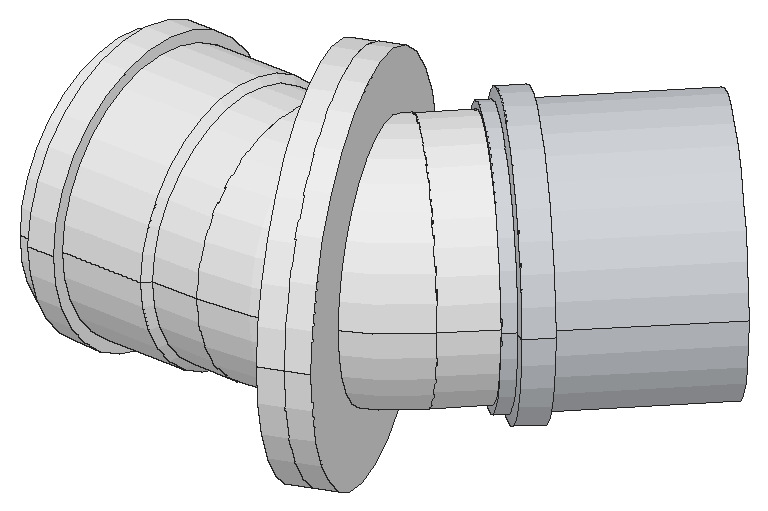
Revit family "Curva_45", category Pipe Fittings, Revit 2025
Family settings
  Round Connector Dimension = Use Radius
  Part Type = Elbow
  Work Plane-Based = No
  Always vertical = Yes
  Cut with Voids When Loaded = No
  Shared = No
Parameters (values of type "Standard")
  Ângulo 2 [instance] = Ângulo / 2  # 22.50°
  Ângulo [instance] = 45.00°
  built-in parameter 1114242 [instance] = (empty or 0)
  URL = "http://www.tigre.com.br"
  Type Comments = ""
  Tigre: Sistema = "Esgoto"  # constant formula
  Tigre: Norma = ""
  Tigre: Material = "PVC Branco"  # constant formula
  Tigre: Marcador [instance] = "00"
  Tigre: Link do Produto = "http://www.tigre.com.br/pt/produtos_unico.php?rcr_id=4&cpr_id=10&cpr_id_pai=4&lnh_id=9&prd_id=703"
  Tigre: Linha = "Série Normal"  # constant formula
  Tigre: Fabricante = "© Tigre S/A"  # constant formula
  Tigre: Descrição [instance] = if(and(Diâmetro Nominal = 40.00 mm, Ângulo > 0.00°, Ângulo < 50.00°), "Curvar 45º 40mm, Esgoto Série Normal - TIGRE", if(and(Diâmetro Nominal = 100.00 mm, Ângulo > 0.00°, Ângulo < 50.00°), "Curvar 45º 100mm, Esgoto Série Normal - TIGRE", "Produto Inexistente"))  # "Curvar 45º 100mm, Esgoto Série Normal - TIGRE"
  Tigre: Código com Separador [instance] = if(and(Diâmetro Nominal = 40.00 mm, Ângulo > 0.00°, Ângulo < 50.00°), "27.40.140.6", if(and(Diâmetro Nominal = 100.00 mm, Ângulo > 0.00°, Ângulo < 50.00°), "26.10.102.6", "Produto ou Código Inexistente"))  # "26.10.102.6"
  Tigre: Código [instance] = if(and(Diâmetro Nominal = 40.00 mm, Ângulo > 0.00°, Ângulo < 50.00°), 27401406, if(and(Diâmetro Nominal = 100.00 mm, Ângulo > 0.00°, Ângulo < 50.00°), 26101026, 0))  # 26101026
  Tigre: Comentários [instance] = ""
  Raio D [instance] = if(Diâmetro Nominal = 40.00 mm, 32.00 mm, if(Diâmetro Nominal = 100.00 mm, 76.00 mm, 0.8 * Diâmetro Nominal))  # 76 mm
  Luva Esquerda [instance] = and(and(not(Ligação em Conexão), Bolsa Esquerda))  # yes
  Luva Direita [instance] = and(and(not(Ligação em Conexão), Bolsa Direita))  # no
  Lookup Table Name = "Curvar 45 - Serie Normal - Esgoto - MEP - Tigre"
  Linha Esquerda [instance] = and(Bolsa Esquerda, Ligação em Conexão)  # no
  Linha Direita [instance] = and(Bolsa Direita, Ligação em Conexão)  # no
  Ligação em Conexão [instance] = no
  Inverter Sentido da Luva [instance] = no
  Representação Unifilar [instance] = Diâmetro Nominal * 0.2  # 20 mm
  Raio da Bolsa [instance] = size_lookup(Lookup Table Name, "RaioB", 0.5515 * Diâmetro Nominal + 2.63 mm, Diâmetro Nominal)  # 57.3 mm
  Raio Nominal [instance] = 50 mm
  Raio Externo 3 [instance] = Diâmetro Externo 3 / 2  # 50 mm
  Raio Externo 2 [instance] = Diâmetro Externo 2 / 2  # 52.85 mm
  Raio Externo 1 [instance] = Diâmetro Externo 1 / 2  # 50 mm
  Raio Central [instance] = size_lookup(Lookup Table Name, "RCen", 0.5193 * Diâmetro Nominal + 0.10 mm, Diâmetro Nominal)  # 60 mm
  Model = ""
  Manufacturer = Tigre: Fabricante  # "© Tigre S/A"
  Loss Method = Not Defined
  K Coefficient Table = "Regular 45, 90 and 180 Elbow"
  Description = "Curvar 45º, Esgoto Série Normal - TIGRE"
  Default Elevation = 0.00 mm
  Cota D [instance] = if(Diâmetro Nominal = 40.00 mm, 7.25 mm, if(Diâmetro Nominal = 100.00 mm, 9.50 mm, 0.18 * Diâmetro Nominal))  # 9.5 mm
  Bolsa Esquerda [instance] = or(not(Bolsa Direita))  # yes
  Bolsa Direita [instance] = or(Inverter Sentido da Luva)  # no
  Anel Esquerdo [instance] = or(and(Bolsa Esquerda, Diâmetro Nominal > 0.00 mm))  # yes
  Anel Direito [instance] = or(and(Bolsa Direita, Diâmetro Nominal > 0.00 mm))  # no
  Ajuste Conector Esquerda [instance] = if(and(Bolsa Direita, Ligação em Conexão), Cota B, Cota B2 + Cota B3)  # 21.50 mm
  Ajuste Conector Direita [instance] = if(and(Bolsa Esquerda, Ligação em Conexão), Cota B, Cota B2 + Cota B3)  # 21.50 mm
  Acabamento [instance] = none
  Diâmetro Nominal [instance] = Raio Nominal * 2  # 100 mm
  Diâmetro Externo 3 [instance] = size_lookup(Lookup Table Name, "DE3", 0.9915 * Diâmetro Nominal + 1.30 mm, Diâmetro Nominal)  # 100 mm
  Diâmetro Externo 2 [instance] = size_lookup(Lookup Table Name, "DE2", 1.03 * Diâmetro Nominal + 2.16 mm, Diâmetro Nominal)  # 105.7 mm
  Diâmetro Externo 1 [instance] = size_lookup(Lookup Table Name, "DE1", Diâmetro Nominal, Diâmetro Nominal)  # 100 mm
  Cota C3 [instance] = size_lookup(Lookup Table Name, "CotC3", 0.0086 * Diâmetro Nominal + 0.73 mm, Diâmetro Nominal)  # 1.5 mm
  Cota C2 [instance] = size_lookup(Lookup Table Name, "CotC2", 0.0897 * Diâmetro Nominal + 2.72 mm, Diâmetro Nominal)  # 11 mm
  Cota C1 [instance] = size_lookup(Lookup Table Name, "CotC1", 0.119 * Diâmetro Nominal + 6.64 mm, Diâmetro Nominal)  # 18 mm
  Cota B3 [instance] = size_lookup(Lookup Table Name, "CotB3", 0.0183 * Diâmetro Nominal + 1.08 mm, Diâmetro Nominal)  # 2.5 mm
  Cota B2 [instance] = size_lookup(Lookup Table Name, "CotB2", 0.0361 * Diâmetro Nominal + 0.27 mm, Diâmetro Nominal)  # 19 mm
  Cota B1 [instance] = size_lookup(Lookup Table Name, "CotB1", 0.3051 * Diâmetro Nominal + 17.31 mm, Diâmetro Nominal)  # 52 mm
  Cota B [instance] = Cota B1 + Cota B2 + Cota B3  # 73.5 mm
  Centro a Face Externa [instance] = if(Ângulo > 40.00°, Raio Central * tan(Ângulo / 2), 15.30 mm)  # 24.853 mm
Reference planes
  plane 1 "Center (Front/Back)": y = 0
  plane 2: z = 0
  plane 3 "Center (Left/Right)": x = 0
  plane 4: y = 60
  plane 5: x = -24.853
Forms (mm)
  Sweep 1, solid, material "PVC", visible <- "Bolsa Esquerda", detail levels fine
    path in 3D
      loop
        line (-24.853, 0, 0) -> (-43.853, 0, 0)
    profile origin (-34.353, 0, 0) x (0, -1, 0) y (0, 0, 1)
      loop
        circle (0, 0) r 50
  SweptBlend 2, solid, material "PVC", visible <- "Bolsa Esquerda", detail levels fine
    path in 3D
      loop
        line (-43.853, 0, 0) -> (-46.353, 0, 0)
    profile origin (-43.853, 0, 0) x (0, -1, 0) y (0, 0, 1)
      loop
        circle (0, 0) r 50
    end profile origin (-46.353, 0, 0) x (0, -1, 0) y (0, 0, 1)
      loop
        circle (0, 0) r 52.85
  Sweep 3, solid, material "PVC", visible <- "Bolsa Esquerda", detail levels fine
    path in 3D
      loop
        line (-46.353, 0, 0) -> (-98.353, 0, 0)
    profile origin (-72.353, 0, 0) x (0, -1, 0) y (0, 0, 1)
      loop
        circle (0, 0) r 50
      loop
        circle (0, 0) r 52.85
  Sweep 4, solid, material "PVC", visible <- "Anel Esquerdo", detail levels fine
    path in 3D
      loop
        line (-80.353, 0, 0) -> (-91.353, 0, 0)
    profile origin (-85.853, 0, 0) x (0, -1, 0) y (0, 0, 1)
      loop
        circle (0, 0) r 52.85
      loop
        circle (0, 0) r 57.3
  SweptBlend 5, solid, material "PVC", visible <- "Anel Esquerdo", detail levels fine
    path in 3D
      loop
        line (-91.353, 0, 0) -> (-92.853, 0, 0)
    profile origin (-91.353, 0, 0) x (0, -1, 0) y (0, 0, 1)
      loop
        circle (0, 0) r 57.3
    end profile origin (-92.853, 0, 0) x (0, -1, 0) y (0, 0, 1)
      loop
        circle (0, 0) r 52.85
  Sweep 6, solid, material "PVC", visible <- "Bolsa Esquerda", detail levels fine
    path in 3D
      loop
        arc (-24.853, 0, 0) -> (-1.892, 4.567, 0) -> (17.574, 17.574, 0) r 60
    profile origin (-1.892, 4.567, 0) x (-0.382683, 0.92388, 0) y (0, 0, 1)
      loop
        circle (0, 0) r 50
  Sweep 7, solid, material "PVC", visible <- "Bolsa Direita", detail levels fine
    path in 3D
      loop
        line (17.574, 17.574, 0) -> (31.009, 31.009, 0)
    profile origin (24.291, 24.291, 0) x (-0.707107, 0.707107, 0) y (0, 0, 1)
      loop
        circle (0, 0) r 50
  SweptBlend 8, solid, material "PVC", visible <- "Bolsa Direita", detail levels fine
    path in 3D
      loop
        line (31.009, 31.009, 0) -> (32.776, 32.776, 0)
    profile origin (31.009, 31.009, 0) x (-0.707107, 0.707107, 0) y (0, 0, 1)
      loop
        circle (0, 0) r 50
    end profile origin (32.776, 32.776, 0) x (-0.707107, 0.707107, 0) y (0, 0, 1)
      loop
        circle (0, 0) r 52.85
  Sweep 9, solid, material "PVC", visible <- "Bolsa Direita", detail levels fine
    path in 3D
      loop
        line (32.776, 32.776, 0) -> (69.546, 69.546, 0)
    profile origin (51.161, 51.161, 0) x (-0.707107, 0.707107, 0) y (0, 0, 1)
      loop
        circle (0, 0) r 52.85
      loop
        circle (0, 0) r 50
  Sweep 10, solid, material "PVC", visible <- "Anel Direito", detail levels fine
    path in 3D
      loop
        line (56.818, 56.818, 0) -> (64.596, 64.596, 0)
    profile origin (60.707, 60.707, 0) x (-0.707107, 0.707107, 0) y (0, 0, 1)
      loop
        circle (0, 0) r 57.3
      loop
        circle (0, 0) r 52.85
  SweptBlend 11, solid, material "PVC", visible <- "Anel Direito", detail levels fine
    path in 3D
      loop
        line (64.596, 64.596, 0) -> (65.657, 65.657, 0)
    profile origin (64.596, 64.596, 0) x (-0.707107, 0.707107, 0) y (0, 0, 1)
      loop
        circle (0, 0) r 57.3
    end profile origin (65.657, 65.657, 0) x (-0.707107, 0.707107, 0) y (0, 0, 1)
      loop
        circle (0, 0) r 52.85
  Sweep 12, void
    path in 3D
      loop
        line (-91.353, 0, 0) -> (-92.853, 0, 0)
    profile origin (-92.103, 0, 0) x (0, -1, 0) y (0, 0, 1)
      loop
        circle (0, 0) r 52.85
  Sweep 13, void
    path in 3D
      loop
        line (64.596, 64.596, 0) -> (65.657, 65.657, 0)
    profile origin (65.127, 65.127, 0) x (-0.707107, 0.707107, 0) y (0, 0, 1)
      loop
        circle (0, 0) r 52.85
  Sweep 14, solid, material "PVC", visible <- "Bolsa Direita", detail levels fine
    path in 3D
      loop
        arc (-24.853, 0, 0) -> (-1.892, 4.567, 0) -> (17.574, 17.574, 0) r 60
    profile origin (-1.892, 4.567, 0) x (-0.382683, 0.92388, 0) y (0, 0, 1)
      loop
        circle (0, 0) r 50
  Sweep 15, solid, material "PVC", visible <- "Bolsa Direita", detail levels fine
    path origin (0, 0, 0) x (1, 0, 0) y (0, 1, 0)
      loop
        line (-46.353, 0) -> (-24.853, 0)
    profile origin (-35.603, 0, 0) x (0, 1, 0) y (0, 0, 1)
      loop
        circle (0, 0) r 50
  Sweep 16, solid, material "PVC", visible <- "Bolsa Esquerda", detail levels fine
    path origin (0, 0, 0) x (1, 0, 0) y (0, 1, 0)
      loop
        line (17.574, 17.574) -> (32.776, 32.776)
    profile origin (25.175, 25.175, 0) x (-0.707107, 0.707107, 0) y (0, 0, 1)
      loop
        circle (0, 0) r 50
  Sweep 17, solid, material "PVC", detail levels fine
    path in 3D
      loop
        line (8.777, 3.635, 0) -> (0, 0, 0) -> (-8.777, -3.635, 0)
    profile origin (-4.388, -1.818, 0) x (0.382683, -0.92388, 0) y (0, 0, 1)
      loop
        circle (0, 0) r 76
Cuts and joins
  Sweep 12 cuts Sweep 4
  Sweep 12 cuts SweptBlend 5
  joined: Sweep 4, SweptBlend 5
  Sweep 13 cuts Sweep 7
  Sweep 13 cuts SweptBlend 8
  joined: Sweep 7, SweptBlend 8, Sweep 9, Sweep 14
  Sweep 13 cuts Sweep 10
  Sweep 13 cuts SweptBlend 11
  joined: Sweep 10, SweptBlend 11
  Sweep 13 cuts Sweep 6
  joined: Sweep 1, SweptBlend 2, Sweep 3, Sweep 6
Lines and regions (mm)
  reference lines
    curve 1: line (-24.853, 60, 0) -> (58.12, -22.973, 0)
    curve 37: line (-24.853, 60, 0) -> (65.078, -157.112, 0)
    curve 38: line (0, 0, 0) -> (-8.777, -3.635, 0)
    curve 39: line (0, 0, 0) -> (8.777, 3.635, 0)
  model lines, not visible, detail levels coarse+medium
    curve 2: arc (-24.853, 0, 0) -> (-1.892, 4.567, 0) -> (17.574, 17.574, 0) r 60
    curve 4: line (-24.853, 0, 0) -> (-43.853, 0, 0)
    curve 5: line (-43.853, 0, 0) -> (-46.353, 0, 0)
    curve 6: line (-46.353, 0, 0) -> (-98.353, 0, 0)
    curve 7: line (-98.353, 0, 0) -> (-80.353, 0, 0)
    curve 8: line (-80.353, 0, 0) -> (-91.353, 0, 0)
    curve 9: line (-91.353, 0, 0) -> (-92.853, 0, 0)
    curve 17: line (17.574, 17.574, 0) -> (31.009, 31.009, 0)
    curve 18: line (31.009, 31.009, 0) -> (32.776, 32.776, 0)
    curve 19: line (32.776, 32.776, 0) -> (69.546, 69.546, 0)
    curve 20: line (69.546, 69.546, 0) -> (56.818, 56.818, 0)
    curve 21: line (56.818, 56.818, 0) -> (64.596, 64.596, 0)
    curve 22: line (64.596, 64.596, 0) -> (65.657, 65.657, 0)
  model lines, detail levels coarse+medium
    curve 3: line (0, 0, 0) -> (17.574, 17.574, 0)
    curve 15: line (-24.653, 0, 0) -> (-24.853, 0, 0)
    curve 31: line (0, 0, 0) -> (-24.853, 0, 0)
    curve 32: line (0, 0, 0) -> (-98.353, 0, 0)
    curve 33: line (69.546, 69.546, 0) -> (0, 0, 0)
    curve 34: line (-46.353, 20, 0) -> (-46.353, -20, 0)
    curve 35: line (32.776, 32.776, 0) -> (18.634, 46.919, 0)
    curve 36: line (32.776, 32.776, 0) -> (46.919, 18.634, 0)
  sketch lines
    curve 10: line (-24.853, 0, 0) -> (-43.853, 0, 0)
    curve 11: line (-43.853, 0, 0) -> (-46.353, 0, 0)
    curve 12: line (-46.353, 0, 0) -> (-98.353, 0, 0)
    curve 13: line (-80.353, 0, 0) -> (-91.353, 0, 0)
    curve 14: line (-91.353, 0, 0) -> (-92.853, 0, 0)
    curve 16: arc (-24.853, 0, 0) -> (-1.892, 4.567, 0) -> (17.574, 17.574, 0) r 60
    curve 23: line (17.574, 17.574, 0) -> (31.009, 31.009, 0)
    curve 24: line (31.009, 31.009, 0) -> (32.776, 32.776, 0)
    curve 25: line (32.776, 32.776, 0) -> (69.546, 69.546, 0)
    curve 26: line (56.818, 56.818, 0) -> (64.596, 64.596, 0)
    curve 27: line (64.596, 64.596, 0) -> (65.657, 65.657, 0)
    curve 28: line (-91.353, 0, 0) -> (-92.853, 0, 0)
    curve 29: line (64.596, 64.596, 0) -> (65.657, 65.657, 0)
    curve 30: arc (-24.853, 0, 0) -> (-1.892, 4.567, 0) -> (17.574, 17.574, 0) r 60
    curve 40: line (0, 0, 0) -> (-8.777, -3.635, 0)
    curve 41: line (0, 0, 0) -> (8.777, 3.635, 0)
Dimensions and locks
  "Centro a Face Externa": plane 5 to plane 3 "Center (Left/Right)"
  "Raio Central": plane 4 to plane 1 "Center (Front/Back)"
  "Cota B2": curve 4 to plane 5
  "Cota B3": curve 5 to curve 5
  "Cota B1": curve 6 to curve 6
  "Cota C1": curve 7 to curve 7
  "Cota C2": curve 8 to curve 8
  "Cota C3": curve 9 to curve 9
  "Cota B2": curve 1 to curve 17
  "Cota B3": curve 18 to curve 18
  "Cota B1": curve 19 to curve 19
  "Cota C1": curve 20 to curve 20
  "Cota C2": curve 21 to curve 21
  "Cota C3": curve 22 to curve 22
  curve 7 to plane 3 "Center (Left/Right)" = 98.353 mm
  "Ajuste Conector Esquerda": Sweep 15 sketch curve to plane 5
  "Ajuste Conector Direita": curve 1 to Sweep 16 sketch curve
  "Cota B": curve 17 to curve 33
  "Ajuste Conector Direita": nested 2 to curve 1
  equal spacing: curve 34, plane 1 "Center (Front/Back)", curve 34
  "Representação Unifilar": plane 1 "Center (Front/Back)" to curve 34
  equal spacing: curve 36, curve 18, curve 35
  "Representação Unifilar": curve 18 to curve 35
  "Cota D": curve 38 to curve 37
  "Cota D": curve 37 to curve 39
  "Raio Externo 1": radius of Sweep 1 sketch curve
  "Raio Externo 2": radius of SweptBlend 2 sketch curve
  "Raio Nominal": radius of Sweep 3 sketch curve
  "Raio Externo 2": radius of Sweep 3 sketch curve
  "Raio da Bolsa": radius of Sweep 4 sketch curve
  "Raio Externo 1": radius of Sweep 6 sketch curve
  "Raio Central": radius of curve 2
  "Raio Externo 1": radius of Sweep 7 sketch curve
  "Raio Externo 1": radius of SweptBlend 8 sketch curve
  "Raio Externo 2": radius of SweptBlend 8 sketch curve
  "Raio da Bolsa": radius of Sweep 10 sketch curve
  "Raio Nominal": radius of Sweep 9 sketch curve
  "Raio Externo 1": radius of Sweep 14 sketch curve
  "Raio Externo 2": radius of Sweep 13 sketch curve
  "Raio Nominal": radius of Sweep 15 sketch curve
  "Raio Nominal": radius of Sweep 16 sketch curve
  "Raio D": radius of Sweep 17 sketch curve
  "Ângulo": angle plane 5 to curve 1
  locked: curve 1 to curve 17 (angle 90.00°)
  locked: curve 1 to curve 18 (angle 90.00°)
  locked: curve 1 to curve 19 (angle 90.00°)
  locked: curve 1 to curve 20 (angle 90.00°)
  locked: curve 1 to curve 21 (angle 90.00°)
  locked: curve 1 to curve 22 (angle 90.00°)
  "Ângulo": angle plane 1 "Center (Front/Back)" to curve 3
  locked: curve 1 to Sweep 16 sketch curve (angle 90.00°)
  locked: curve 1 to curve 33 (angle 90.00°)
  "Ângulo": angle plane 1 "Center (Front/Back)" to nested 2
  locked: curve 36 to curve 18 (angle 90.00°)
  locked: curve 35 to curve 18 (angle 90.00°)
  "Ângulo 2": angle plane 5 to curve 37
  locked: curve 38 to curve 37 (angle 90.00°)
  locked: curve 39 to curve 37 (angle 90.00°)
  aligned and locked: plane 4 to curve 1
  aligned and locked: plane 5 to curve 1
  aligned and locked: plane 5 to curve 2
  aligned and locked: curve 1 to curve 2
  aligned and locked: plane 1 "Center (Front/Back)" to curve 2
  aligned and locked: plane 1 "Center (Front/Back)" to curve 3
  aligned and locked: SweptBlend 2 sketch curve to Sweep 1  (x2)
  aligned and locked: Sweep 4 sketch curve to Sweep 3  (x2)
  aligned and locked: SweptBlend 5 sketch curve to Sweep 4  (x2)
  aligned and locked: SweptBlend 5 sketch curve to Sweep 3  (x2)
  aligned and locked: Sweep 9 sketch curve to SweptBlend 8  (x2)
  aligned and locked: Sweep 10 sketch curve to Sweep 9  (x2)
  aligned and locked: SweptBlend 11 sketch curve to Sweep 10  (x2)
  aligned and locked: SweptBlend 11 sketch curve to Sweep 9  (x2)
  aligned and locked: Sweep 12 sketch curve to Sweep 3  (x2)
  aligned and locked: plane 5 to Sweep 15 sketch curve
  aligned and locked: plane 1 "Center (Front/Back)" to Sweep 15 sketch curve
  aligned and locked: curve 1 to Sweep 16 sketch curve
  aligned and locked: Sweep 16 sketch curve to curve 19
  aligned and locked: nested 1 to plane 1 "Center (Front/Back)"
  aligned and locked: nested 1 to Sweep 15
  aligned and locked: curve 34 to curve 5
Automatic sketch dimensions
  Sweep 1 sketch curve to profile plane = 0.00 mm  (x2)
  SweptBlend 2 sketch curve to profile plane = 0.00 mm  (x2)
  Sweep 3 sketch curve to Sweep 3 sketch curve = 0.00 mm  (x2)
  Sweep 3 sketch curve to profile plane = 0.00 mm  (x2)
  Sweep 4 sketch curve to Sweep 4 sketch curve = 0.00 mm  (x2)
  Sweep 6 sketch curve to profile plane = 0.00 mm
  profile plane to Sweep 6 sketch curve = 0.00 mm
  Sweep 7 sketch curve to profile plane = 0.00 mm  (x2)
  SweptBlend 8 sketch curve to profile plane = 0.00 mm  (x4)
  Sweep 10 sketch curve to profile plane = 0.00 mm  (x2)
  Sweep 9 sketch curve to Sweep 9 sketch curve = 0.00 mm  (x2)
  Sweep 14 sketch curve to profile plane = 0.00 mm
  profile plane to Sweep 14 sketch curve = 0.00 mm
  Sweep 13 sketch curve to profile plane = 0.00 mm
  profile plane to Sweep 13 sketch curve = 0.00 mm
  Sweep 15 sketch curve to level = 0.00 mm
  Sweep 15 sketch curve to profile plane = 0.00 mm
  Sweep 16 sketch curve to level = 0.00 mm
  Sweep 16 sketch curve to profile plane = 0.00 mm
  curve 32 to curve 6 = 0.00 mm
  curve 4 to curve 15 = 0.20 mm
  plane 1 "Center (Front/Back)" to curve 38 = 0.00 mm
  plane 1 "Center (Front/Back)" to curve 39 = 0.00 mm
  Sweep 17 sketch curve to profile plane = 0.00 mm  (x2)
Nested families
  nested 1: "Luva Simples para Conexão - Serie Normal - Esgoto - MEP - Tigre" at (-46.353, 0, 0) x (-1, 0, 0) z (0, 0, 1), Raio Nominal <- "Raio Nominal", Acabamento <- "Acabamento", Tigre: Marcador <- "Tigre: Marcador", Tigre: Comentários <- "Tigre: Comentários", visible <- "Luva Direita", type "Standard"
    with Tigre: Marcador "00", Tigre: Descrição "Luva Simples 100mm, Esgoto Série Normal - TIGRE", Tigre: Código com Separador "26.30.100.9", Tigre: Código 26301009, Tigre: Comentários "", Representação Unifilar 20 mm, Raio Nominal 50 mm, Raio Bolsa 3 53.05 mm, Raio Bolsa 2 57.45 mm, Raio Bolsa 1 53.05 mm, Furo 50 mm, Diâmetro Nominal 100 mm, Detalhe no, Cota L4 5.37 mm, Cota L3 1.2 mm, Cota L2 11.2 mm, Cota L1 65.75 mm, Acabamento none
  nested 2: "Luva Simples para Conexão - Serie Normal - Esgoto - MEP - Tigre" at (32.776, 32.776, 0) x (0.7071, 0.7071, 0) z (0, 0, 1), Acabamento <- "Acabamento", Raio Nominal <- "Raio Nominal", Tigre: Marcador <- "Tigre: Marcador", visible <- "Luva Esquerda", type "Standard"
    with Tigre: Marcador "00", Tigre: Descrição "Luva Simples 100mm, Esgoto Série Normal - TIGRE", Tigre: Código com Separador "26.30.100.9", Tigre: Código 26301009, Tigre: Comentários "", Representação Unifilar 20 mm, Raio Nominal 50 mm, Raio Bolsa 3 53.05 mm, Raio Bolsa 2 57.45 mm, Raio Bolsa 1 53.05 mm, Furo 50 mm, Diâmetro Nominal 100 mm, Detalhe no, Cota L4 5.37 mm, Cota L3 1.2 mm, Cota L2 11.2 mm, Cota L1 65.75 mm, Acabamento none
Connectors
  piping at (-46.353, 0, 0), diameter 100, driven by "Raio Nominal", driven by "Ângulo"
    settings: on Sweep 15, index 1, connector inside diameter 100 mm, connector length 0.00 mm, flow factor 0, pipe flow 0.0 L/s, pressure drop 0.0 Pa, fitting loss kfactor 0, connector angle 45.00°, fixture units 0, engagement length 0.00 mm, angle of deflection 0.00°, flow configuration 0, flow direction 0, fitting loss method 0, system type 28, joint type 0, gender type 0, connector reference index 2, connector utility 0, adjustable connector no, is connector primary yes, connector description ""
  piping at (32.776, 32.776, 0), diameter 100, driven by "Raio Nominal", driven by "Ângulo"
    settings: on Sweep 16, index 2, connector inside diameter 100 mm, connector length 0.00 mm, flow factor 0, pipe flow 0.0 L/s, pressure drop 0.0 Pa, fitting loss kfactor 0, connector angle 45.00°, fixture units 0, engagement length 0.00 mm, angle of deflection 0.00°, flow configuration 0, flow direction 0, fitting loss method 0, system type 28, joint type 0, gender type 0, connector reference index 1, connector utility 0, adjustable connector no, is connector primary no, connector description ""
Definition of nested family "Luva Simples para Conexão - Serie Normal - Esgoto - MEP - Tigre"
  Parameters
    URL = "http://www.tigre.com.br"
    Type Comments = ""
    Tigre: Sistema = "Esgoto"  # constant formula
    Tigre: Norma = ""
    Tigre: Material = "PVC Branco"  # constant formula
    Tigre: Marcador [instance] = "00"
    Tigre: Link do Produto = "http://www.tigre.com.br/pt/produtos_unico.php?rcr_id=4&cpr_id=10&cpr_id_pai=4&lnh_id=9&prd_id=713"
    Tigre: Linha = "Série Normal"  # constant formula
    Tigre: Fabricante = "© Tigre S/A"  # constant formula
    Tigre: Descrição [instance] = if(Diâmetro Nominal = 40.00 mm, "Luva Simples 40mm, Esgoto Série Normal - TIGRE", if(Diâmetro Nominal = 50.00 mm, "Luva Simples 50mm, Esgoto Série Normal - TIGRE", if(Diâmetro Nominal = 75.00 mm, "Luva Simples 75mm, Esgoto Série Normal - TIGRE", if(Diâmetro Nominal = 100.00 mm, "Luva Simples 100mm, Esgoto Série Normal - TIGRE", if(Diâmetro Nominal = 150.00 mm, "Luva Simples 150mm, Esgoto Série Normal - TIGRE", if(Diâmetro Nominal = 200.00 mm, "Luva Simples 200mm, Esgoto Série Normal - TIGRE", "Produto Inexistente"))))))  # "Luva Simples 50mm, Esgoto Série Normal - TIGRE"
    Tigre: Código com Separador [instance] = if(Diâmetro Nominal = 40.00 mm, "27.58.040.8", if(Diâmetro Nominal = 50.00 mm, "26.30.050.9", if(Diâmetro Nominal = 75.00 mm, "26.30.075.4", if(Diâmetro Nominal = 100.00 mm, "26.30.100.9", if(Diâmetro Nominal = 150.00 mm, "26.30.150.5", if(Diâmetro Nominal = 200.00 mm, "26.30.200.5", "Produto ou Código Inexistente"))))))  # "26.30.050.9"
    Tigre: Código [instance] = if(Diâmetro Nominal = 40.00 mm, 27580408, if(Diâmetro Nominal = 50.00 mm, 26300509, if(Diâmetro Nominal = 75.00 mm, 26300754, if(Diâmetro Nominal = 100.00 mm, 26301009, if(Diâmetro Nominal = 150.00 mm, 26301505, if(Diâmetro Nominal = 200.00 mm, 26302005, 0))))))  # 26300509
    Tigre: Comentários [instance] = ""
    Representação Unifilar [instance] = Diâmetro Nominal * 0.2  # 10 mm
    Raio Nominal [instance] = 25 mm
    Raio Bolsa 3 [instance] = size_lookup(Lookup Table Name, "RaioB3", 0.544 * Diâmetro Nominal, Diâmetro Nominal)  # 27.2 mm
    Raio Bolsa 2 [instance] = size_lookup(Lookup Table Name, "RaioB2", 0.636 * Diâmetro Nominal, Diâmetro Nominal)  # 31.8 mm
    Raio Bolsa 1 [instance] = size_lookup(Lookup Table Name, "RaioB1", 0.544 * Diâmetro Nominal, Diâmetro Nominal)  # 27.2 mm
    Model = ""
    Manufacturer = Tigre: Fabricante  # "© Tigre S/A"
    Loss Method = (empty or 0)
    Lookup Table Name = "Luva Simples - Serie Normal - Esgoto - MEP - Tigre"
    K Coefficient Table = "Reducer/Coupling/Union/Increaser"
    Furo [instance] = size_lookup(Lookup Table Name, "CotCor", 0.78 * Diâmetro Nominal, Diâmetro Nominal)  # 39 mm
    Detalhe [instance] = Diâmetro Nominal = 40.00 mm  # no
    Description = "Luva Simples, Esgoto Série Normal - TIGRE"
    Default Elevation = 0.00 mm
    Cota L4 [instance] = size_lookup(Lookup Table Name, "CotL4", 0.106 * Diâmetro Nominal, Diâmetro Nominal)  # 5.3 mm
    Cota L3 [instance] = size_lookup(Lookup Table Name, "CotL3", 0.024 * Diâmetro Nominal, Diâmetro Nominal)  # 1.2 mm
    Cota L2 [instance] = size_lookup(Lookup Table Name, "CotL2", 0.202 * Diâmetro Nominal, Diâmetro Nominal)  # 10.1 mm
    Cota L1 [instance] = size_lookup(Lookup Table Name, "CotL1", 0.908 * Diâmetro Nominal, Diâmetro Nominal)  # 45.4 mm
    Acabamento [instance] = none
    Diâmetro Nominal [instance] = Raio Nominal * 2  # 50 mm
  Reference planes
    plane 1 "Center (Front/Back)": y = 0
    plane 2: z = 0
    plane 3 "Center (Left/Right)": x = 0
    plane 4: x = 62
    plane 5: x = 6.5
    plane 6: x = 16.6
    plane 7: x = 5.3
    plane 8: x = 31
  Forms (mm)
    Sweep 1, solid, material <- "Acabamento", detail levels fine
      path origin (0, 0, 0) x (1, 0, 0) y (0, 1, 0)
        loop
          line (0, 0) -> (5.3, 0)
      profile origin (2.65, 0, 0) x (0, 1, 0) y (0, 0, 1)
        loop
          circle (0, 0) r 27.2
    Sweep 2, solid, material <- "Acabamento", detail levels fine
      path origin (0, 0, 0) x (1, 0, 0) y (0, 1, 0)
        loop
          line (16.6, 0) -> (62, 0)
      profile origin (39.3, 0, 0) x (0, 1, 0) y (0, 0, 1)
        loop
          circle (0, 0) r 27.2
    Sweep 3, solid, material <- "Acabamento", detail levels fine
      path origin (0, 0, 0) x (1, 0, 0) y (0, 1, 0)
        loop
          line (6.5, 0) -> (16.6, 0)
      profile origin (11.55, 0, 0) x (0, 1, 0) y (0, 0, 1)
        loop
          circle (0, 0) r 31.8
    SweptBlend 4, solid, material <- "Acabamento", detail levels fine
      path origin (0, 0, 0) x (1, 0, 0) y (0, 1, 0)
        loop
          line (5.3, 0) -> (6.5, 0)
      profile origin (5.3, 0, 0) x (0, 1, 0) y (0, 0, 1)
        loop
          circle (0, 0) r 27.2
      end profile origin (6.5, 0, 0) x (0, 1, 0) y (0, 0, 1)
        loop
          circle (0, 0) r 31.8
    Sweep 5, void
      path origin (0, 0, 0) x (1, 0, 0) y (0, 1, 0)
        loop
          line (0, 0) -> (62, 0)
      profile origin (31, 0, 0) x (0, 1, 0) y (0, 0, 1)
        loop
          circle (0, 0) r 25
    Sweep 6, solid, material <- "Acabamento", visible <- "Detalhe", detail levels fine
      path in 3D
        loop
          line (62, 0, 0) -> (56.7, 0, 0)
      profile origin (59.35, 0, 0) x (0, -1, 0) y (0, 0, 1)
        loop
          circle (0, 0) r 27.2
    SweptBlend 7, solid, material <- "Acabamento", visible <- "Detalhe", detail levels fine
      path in 3D
        loop
          line (56.7, 0, 0) -> (55.5, 0, 0)
      profile origin (56.7, 0, 0) x (0, -1, 0) y (0, 0, 1)
        loop
          circle (0, 0) r 27.2
      end profile origin (55.5, 0, 0) x (0, -1, 0) y (0, 0, 1)
        loop
          circle (0, 0) r 31.8
    Sweep 8, void
      path origin (0, 0, 0) x (1, 0, 0) y (0, 1, 0)
        loop
          line (0, 0) -> (39, 0)
      profile origin (19.5, 0, 0) x (0, 1, 0) y (0, 0, 1)
        loop
          circle (0, 0) r 25
  Cuts and joins
    Sweep 5, Sweep 8 cuts Sweep 1
    Sweep 5, Sweep 8 cuts Sweep 2
    Sweep 5, Sweep 8 cuts Sweep 3
    Sweep 5, Sweep 8 cuts SweptBlend 4
    joined: Sweep 1, Sweep 2, Sweep 3, SweptBlend 4
    Sweep 5 cuts Sweep 6
    Sweep 5 cuts SweptBlend 7
  Lines and regions (mm)
    model lines, not visible, detail levels coarse+medium
      curve 1: line (39, 0, 0) -> (62, 0, 0)
      curve 2: line (39, 10, 0) -> (39, -10, 0)
      curve 3: line (62, 10, 0) -> (62, -10, 0)
      curve 4: line (62, 0, 0) -> (56.7, 0, 0)
      curve 5: line (56.7, 0, 0) -> (55.5, 0, 0)
    sketch lines
      curve 6: line (62, 0, 0) -> (56.7, 0, 0)
      curve 7: line (56.7, 0, 0) -> (55.5, 0, 0)
  Dimensions and locks
    "Cota L1": plane 6 to plane 4
    "Cota L2": plane 5 to plane 6
    "Cota L3": plane 7 to plane 5
    "Cota L4": plane 3 "Center (Left/Right)" to plane 7
    equal spacing: curve 2, plane 1 "Center (Front/Back)", curve 2
    "Representação Unifilar": plane 1 "Center (Front/Back)" to curve 2
    "Cota L4": curve 4 to curve 4
    "Cota L3": curve 5 to curve 5
    "Furo": plane 3 "Center (Left/Right)" to Sweep 8 sketch curve
    equal spacing: plane 3 "Center (Left/Right)", plane 8, plane 4
    "Raio Bolsa 3": radius of Sweep 1 sketch curve
    "Raio Bolsa 2": radius of Sweep 3 sketch curve
    "Raio Nominal": radius of Sweep 5 sketch curve
    "Raio Bolsa 3": radius of SweptBlend 4 sketch curve
    "Raio Bolsa 2": radius of SweptBlend 4 sketch curve
    "Raio Bolsa 1": radius of Sweep 2 sketch curve
    "Raio Bolsa 3": radius of Sweep 6 sketch curve
    "Raio Bolsa 3": radius of SweptBlend 7 sketch curve
    "Raio Bolsa 2": radius of SweptBlend 7 sketch curve
    "Raio Nominal": radius of Sweep 8 sketch curve
    aligned and locked: plane 4 to curve 1
    aligned and locked: plane 1 "Center (Front/Back)" to curve 1
    aligned and locked: plane 3 "Center (Left/Right)" to Sweep 1 sketch curve
    aligned and locked: plane 7 to Sweep 1 sketch curve
    aligned and locked: plane 1 "Center (Front/Back)" to Sweep 1 sketch curve
    aligned and locked: plane 4 to Sweep 2 sketch curve
    aligned and locked: plane 6 to Sweep 2 sketch curve
    aligned and locked: plane 1 "Center (Front/Back)" to Sweep 2 sketch curve
    aligned and locked: plane 5 to Sweep 3 sketch curve
    aligned and locked: plane 6 to Sweep 3 sketch curve
    aligned and locked: plane 1 "Center (Front/Back)" to Sweep 3 sketch curve
    aligned and locked: plane 7 to SweptBlend 4 sketch curve
    aligned and locked: plane 5 to SweptBlend 4 sketch curve
    aligned and locked: plane 1 "Center (Front/Back)" to SweptBlend 4 sketch curve
    aligned and locked: plane 3 "Center (Left/Right)" to Sweep 5 sketch curve
    aligned and locked: plane 4 to Sweep 5 sketch curve
    aligned and locked: plane 1 "Center (Front/Back)" to Sweep 5 sketch curve
    aligned and locked: curve 2 to curve 3  (x2)
    aligned and locked: curve 3 to plane 4
    aligned and locked: plane 3 "Center (Left/Right)" to Sweep 8 sketch curve
    aligned and locked: plane 1 "Center (Front/Back)" to Sweep 8 sketch curve
    aligned and locked: curve 2 to Sweep 8
    aligned and locked: Sweep 8 to curve 1
  Automatic sketch dimensions
    Sweep 1 sketch curve to level = 0.00 mm
    Sweep 1 sketch curve to profile plane = 0.00 mm
    Sweep 3 sketch curve to level = 0.00 mm
    Sweep 3 sketch curve to profile plane = 0.00 mm
    Sweep 5 sketch curve to level = 0.00 mm
    Sweep 5 sketch curve to profile plane = 0.00 mm
    plane 1 "Center (Front/Back)" to curve 5 = 0.00 mm
    SweptBlend 4 sketch curve to level = 0.00 mm  (x2)
    SweptBlend 4 sketch curve to profile plane = 0.00 mm  (x2)
    Sweep 2 sketch curve to level = 0.00 mm
    Sweep 2 sketch curve to profile plane = 0.00 mm
    Sweep 6 sketch curve to profile plane = 0.00 mm  (x2)
    SweptBlend 7 sketch curve to profile plane = 0.00 mm  (x4)
    Sweep 8 sketch curve to level = 0.00 mm
    Sweep 8 sketch curve to profile plane = 0.00 mm
  Connectors
    piping at (39, 0, 0), diameter 50, driven by "Raio Nominal"
      settings: on Sweep 8, index 1, connector inside diameter 50 mm, connector length 0.00 mm, flow factor 0, pipe flow 0.0 L/s, pressure drop 0.0 Pa, fitting loss kfactor 0, connector angle 0.00°, fixture units 0, engagement length 0.00 mm, angle of deflection 0.00°, flow configuration 0, flow direction 0, fitting loss method 0, system type 28, joint type 0, gender type 0, connector reference index 2, connector utility 0, adjustable connector no, is connector primary yes, connector description ""
    piping at (39, 0, 0), diameter 50, driven by "Raio Nominal"
      settings: on Sweep 8, index 2, connector inside diameter 50 mm, connector length 0.00 mm, flow factor 0, pipe flow 0.0 L/s, pressure drop 0.0 Pa, fitting loss kfactor 0, connector angle 0.00°, fixture units 0, engagement length 0.00 mm, angle of deflection 0.00°, flow configuration 0, flow direction 0, fitting loss method 0, system type 28, joint type 0, gender type 0, connector reference index 1, connector utility 0, adjustable connector no, is connector primary no, connector description ""
